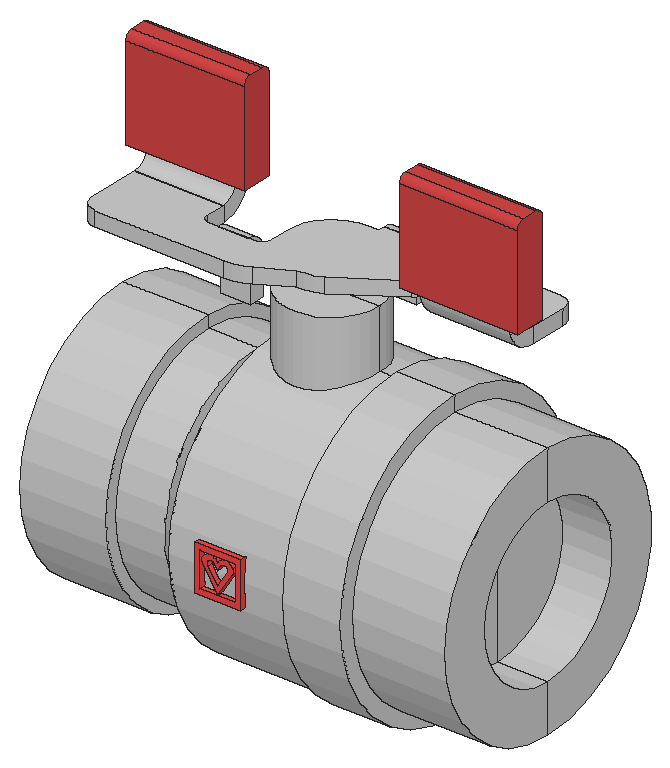
Revit family "Kugelhahn mit Knebelgriff (Blech) 2201", category Rohrzubehör, Revit 2021
Family settings
  Bemaßung runder Anschluss = Durchmesser verwenden
  Teiletyp = Unterbricht
  OmniClass-Nummer = 23.65.55.14
  OmniClass-Titel = Valves for Liquid Services
  Arbeitsebenenbasiert = Nein
  Immer vertikal = Ja
  Beim Laden mit Abzugskörper schneiden = Nein
  Gemeinsam genutzt = Nein
Parameters
  Vorgabe-Ansicht = 0 mm
  Min.Betriebstemperatur (Wasser) = 0.5 °C  # constant formula
  Min.Betriebstemperatur = -30 °C  # constant formula
  Max.Betriebstemperatur (Wasser - kein Dampf) = 110 °C  # constant formula
  Max.Betriebstemperatur = 150 °C  # constant formula
  Max.Betriebsdruck (Verschraubung) = 1600000.0 Pa  # constant formula
  Max.Betriebsdruck = 2500000.0 Pa  # constant formula
  W01 = 135.00°  # constant formula
  URL = "www.herz-armaturen.at"
  Spindeldichtung = "PTFE"  # constant formula
  Spindel = "Messing nach EN 12164, CW614N"  # constant formula
  SCRNSEQ = "ARM;ARM_TYP=\"ABVS\";2"
  SCRNCODE = "05;10;02"  # constant formula
  S02 [instance] = 2 * D01  # 51 mm
  S01 [instance] = L01 + L02 + L06  # 84.5 mm
  R01 [instance] = size_lookup("2201_3X_", "R1", 1 mm, Nennweite)  # 9.5 mm
  Nennweite [instance] = 32 mm
  Medium = "Heizungswasserqualität nach ÖNORM H 5195 oder VDI-Richtline 2035.\r\nDie Verwendung von Ethylen- oder Propylenglykol in einem Mischungsverhältnis 25 - 50% ist zulässig."
  L06 [instance] = size_lookup("2201_3X_", "L6", 1 mm, Nennweite)  # 18.5 mm
  L05 [instance] = size_lookup("2201_3X_", "L5", 1 mm, Nennweite)  # 34.8 mm
  L04 [instance] = size_lookup("2201_3X_", "L4", 1 mm, Nennweite)  # 11.5 mm
  L03 [instance] = size_lookup("2201_3X_", "L3", 1 mm, Nennweite)  # 17 mm
  L02 [instance] = size_lookup("2201_3X_", "L2", 1 mm, Nennweite)  # 24.5 mm
  L01 [instance] = size_lookup("2201_3X_", "L1", 1 mm, Nennweite)  # 41.5 mm
  Kugeldichtung = "PTFE"  # constant formula
  Kugel = "geschmiedetes Messing nach EN 12165, voller Durchgang, verchromt, CW617N"  # constant formula
  Innengewinde = "nach ISO 228-1"  # constant formula
  IG [instance] = Nennweite / 2  # 16 mm
  Hersteller = "HERZ Armaturen Ges.m.b.H"  # constant formula
  H01 [instance] = size_lookup("2201_3X_", "H1", 1 mm, Nennweite)  # 39 mm
  Griff = "Knebelgriff rot, Stahlblech beschichtet"  # constant formula
  Gewicht [instance] = if(Nennweite = 15 mm, 0.17, if(Nennweite = 20 mm, 0.246, if(Nennweite = 25 mm, 0.458, if(Nennweite = 32 mm, 0.712, 0))))  # 0.712
  Gehäuse = "geschmiedetes Messing nach EN 12165, vernickelt, CW617N"  # constant formula
  GT1 [instance] = size_lookup("2201_3X_", "GT1", 1 mm, Nennweite)  # 10 mm
  GT [instance] = size_lookup("2201_3X_", "GT", 1 mm, Nennweite)  # 16 mm
  Einsatzbereich = "Kugelhähne werden zum Absperren von Leitungen und Anlagen verwendet.\r\nEinsatzbereiche sind Heizungs- und Kälteanlagen.\r\nDer Kugelhahn ist nicht geeignet für die Durchflussregelung und muss immer in voll geöffneter oder geschlossener Position verwendet werden."
  DN25-DN32 [instance] = if(Nennweite = 25 mm, 38 mm, 43 mm)  # 43 mm
  DN25+DN32 [instance] = or(Nennweite = 25 mm, Nennweite = 32 mm)  # yes
  DN15-DN20 [instance] = if(Nennweite = 15 mm, 28 mm, 31 mm)  # 31 mm
  DN15+DN20 [instance] = or(Nennweite = 15 mm, Nennweite = 20 mm)  # no
  D05 [instance] = size_lookup("2201_3X_", "D5", 1 mm, Nennweite)  # 25.55 mm
  D04 [instance] = size_lookup("2201_3X_", "D4", 1 mm, Nennweite)  # 27.5 mm
  D03 [instance] = size_lookup("2201_3X_", "D3", 1 mm, Nennweite)  # 28.5 mm
  D02 [instance] = size_lookup("2201_3X_", "D2", 1 mm, Nennweite)  # 23.2 mm
  D01 [instance] = size_lookup("2201_3X_", "D1", 1 mm, Nennweite)  # 25.5 mm
  Bestellnummer [instance] = size_lookup("2201_3X_", "Artnr", 0, Nennweite)  # 1220134
  Anwendungen = "Der Kugelhahn wird in der Installation als Absperreinrichtung verwendet.\r\nAnwendungsgebiete sind Zentralheizungs- und Kälteanlagenlagen.\r\nDie Betriebsbedingungen (wie Temperatur und Druck) sollten dabei eingehalten werden."
Reference planes
  plane 1 "Mitte (Vorne/hinten)": y = 0
  plane 2: z = 0
  plane 3 "Mitte (Links/rechts)": x = 0
Forms (mm)
  Revolve 1, solid, material "Messing, vernickelt", detail levels fine
    sketch origin (0, 0, 0) x (1, 0, 0) y (0, 0, 1)
      loop
        line (24.5, 25.55) -> (24.5, 28.5) -> (13, 28.5) -> (13, 27.5) -> (-10.3, 27.5) -> (-14.6, 23.2) -> (-24.5, 23.2) -> (-24.5, 25.5) -> (-41.5, 25.5) -> (-41.5, 16) -> (-25.5, 16) -> (-25.5, 0) -> (33, 0) -> (33, 16) -> (43, 16) -> (43, 25.55) -> (24.5, 25.55)
      axis (-41.5, 0) -> (43, 0)
    angle from 0 to 360
  Revolve 2, solid, material "Messing, vernickelt", detail levels fine
    sketch origin (0, 0, 0) x (1, 0, 0) y (0, 0, 1)
      loop
        line (0, 0) -> (5.522, 0) -> (5.522, 8.202) -> (9.5, 8.202) -> (9.5, 39) -> (0, 39) -> (0, 0)
      axis (0, 39) -> (0, 0)
    angle from 0 to 360
Lines and regions (mm)
  model lines, detail levels coarse+medium
    curve 1: line (-42.25, 25.5, 0) -> (-42.25, -25.5, 0)
    curve 2: line (-42.25, -25.5, 0) -> (42.25, 25.5, 0)
    curve 3: line (42.25, 25.5, 0) -> (42.25, -25.5, 0)
    curve 4: line (42.25, -25.5, 0) -> (-42.25, 25.5, 0)
    curve 5: circle (0, 0, 0) r 25.5 normal (0, 0, 1)
    curve 6: line (-25.25, 0, 25.5) -> (-25.25, 0, -25.5)
    curve 7: line (-25.25, 0, -25.5) -> (59.25, 0, 25.5)
    curve 8: line (59.25, 0, 25.5) -> (59.25, 0, -25.5)
    curve 9: line (59.25, 0, -25.5) -> (-25.25, 0, 25.5)
    curve 10: circle (0, 0, 0) r 25.5 normal (0, -1, 0)
Dimensions and locks
  "L01": Revolve 1 sketch curve to plane 3 "Mitte (Links/rechts)"
  "L02": Revolve 1 sketch curve to plane 3 "Mitte (Links/rechts)"
  "D01": Revolve 1 sketch curve to plane 2
  "D02": Revolve 1 sketch curve to plane 2
  "L03": Revolve 1 sketch curve to Revolve 1 sketch curve
  "GT": Revolve 1 sketch curve to Revolve 1 sketch curve
  "IG": Revolve 1 sketch curve to plane 2
  "R01": Revolve 2 sketch curve to plane 3 "Mitte (Links/rechts)"
  "H01": Revolve 2 sketch curve to plane 2
  "D03": Revolve 1 sketch curve to plane 2
  "D04": Revolve 1 sketch curve to plane 2
  "L04": Revolve 1 sketch curve to Revolve 1 sketch curve
  "L05": Revolve 1 sketch curve to Revolve 1 sketch curve
  "IG": Revolve 1 sketch curve to Revolve 1 sketch curve
  "GT1": Revolve 1 sketch curve to Revolve 1 sketch curve
  "L06": Revolve 1 sketch curve to Revolve 1 sketch curve
  "D05": Revolve 1 sketch curve to Revolve 1 sketch curve
  "D04": nested 1 to plane 1 "Mitte (Vorne/hinten)"
  equal spacing: curve 2, plane 1 "Mitte (Vorne/hinten)", curve 4
  equal spacing: curve 4, plane 1 "Mitte (Vorne/hinten)", curve 3
  "S02": curve 4 to curve 2
  "S02": curve 3 to curve 4
  equal spacing: curve 1, plane 3 "Mitte (Links/rechts)", curve 3
  "S01": curve 1 to curve 3
  "S02": curve 9 to curve 7
  equal spacing: curve 9, plane 2, curve 7
  equal spacing: curve 8, plane 2, curve 9
  "S02": curve 8 to curve 9
  curve 6 to curve 8 = 84.5 mm
  "S01": curve 6 to curve 8
  "DN15-DN20": nested 2 to plane 2
  "DN25-DN32": nested 3 to plane 2
  "S02": diameter of curve 5
  "S02": diameter of curve 10
  "W01": angle Revolve 1 sketch curve to Revolve 1 sketch curve
  aligned and locked: level to plane 2
Automatic sketch dimensions
  curve 10 to level = 0 mm
  curve 10 to plane 3 "Mitte (Links/rechts)" = 0 mm
  curve 6 to plane 3 "Mitte (Links/rechts)" = 25.25 mm
  plane 1 "Mitte (Vorne/hinten)" to curve 5 = 0 mm
  curve 5 to plane 3 "Mitte (Links/rechts)" = 0 mm
  Revolve 1 sketch curve to level = 0 mm  (x2)
  Revolve 1 sketch curve to Revolve 1 sketch curve = 1481.63 mm
  Revolve 1 sketch curve to Revolve 1 sketch curve = 1814.648 mm
  Revolve 2 sketch curve to level = 0 mm
  Revolve 2 sketch curve to plane 3 "Mitte (Links/rechts)" = 0 mm  (x2)
  plane 3 "Mitte (Links/rechts)" to Revolve 2 sketch curve = 5.522 mm
  level to Revolve 2 sketch curve = 8.202 mm
  Revolve 2 sketch curve to Revolve 2 sketch curve = 366.045 mm
  Revolve 2 sketch curve to Revolve 2 sketch curve = 2190.315 mm
Nested families
  nested 1: "Herz-Logo-vorne" at (0, -27.5, 0) x (0, 1, 0) z (0, 0, 1), type "Herz-Logo-vorne", detail levels fine
  nested 2: "Knebelgriff (Blech) DN15-DN20" at (0, 0, 31), visible <- "DN15+DN20", type "Knebelgriff (Blech) DN15-DN20"
  nested 3: "Knebelgriff (Blech) DN25-DN32" at (0, 0, 43), visible <- "DN25+DN32", type "Knebelgriff (Blech) DN25-DN32"
Connectors
  piping at (6.5, 0, 0), diameter 32, driven by "Nennweite"
    settings: on Revolve 1, index 1, connector inside diameter 609.6 mm, connector length 0 mm, flow factor 0, pipe flow 0.0 L/s, pressure drop 0.0 Pa, fitting loss kfactor 0, connector angle 0.00°, fixture units 0, engagement length 0 mm, angle of deflection 0.00°, flow configuration 0, flow direction 0, fitting loss method 0, system type 7, joint type 0, gender type 0, connector reference index -1, connector utility 0, adjustable connector no, is connector primary yes, connector description ""
  piping at (-25.5, 0, 0), diameter 32, driven by "Nennweite"
    settings: on Revolve 1, index 2, connector inside diameter 609.6 mm, connector length 0 mm, flow factor 0, pipe flow 0.0 L/s, pressure drop 0.0 Pa, fitting loss kfactor 0, connector angle 0.00°, fixture units 0, engagement length 0 mm, angle of deflection 0.00°, flow configuration 0, flow direction 0, fitting loss method 0, system type 7, joint type 0, gender type 0, connector reference index -1, connector utility 0, adjustable connector no, is connector primary no, connector description ""
Definition of nested family "Herz-Logo-vorne"
  Parameters (values of type "Herz-Logo-vorne")
    Default Elevation = 0 mm
  Reference planes
    plane 1 "Mitte (Vorne/hinten)": y = 0
    plane 2: z = 0
    plane 3 "Mitte (Links/rechts)": x = 0
  Forms (mm)
    Extrusion 1, solid
      sketch origin (0.732, -0.018, 0.017) x (0, -1, 0) y (0, 0, 1)
        loop
          line (-0.018, -4.517) -> (4.482, -4.517) -> (4.482, 4.483) -> (-4.518, 4.483) -> (-4.518, -4.517) -> (-0.018, -4.517)
        loop
          line (-0.05, -3.48) -> (3.482, -3.48) -> (3.482, 3.483) -> (-3.518, 3.483) -> (-3.518, -3.48) -> (-0.05, -3.48)
        loop
          arc (-0.018, 2.383) -> (-1.543, 3.287) -> (-3.067, 2.383) r 1.738
          arc (-3.067, 2.383) -> (-3.191, 1.899) -> (-3.067, 1.415) r 1.009
          line (-3.067, 1.415) -> (-0.018, -3.281) -> (3.032, 1.415)
          arc (3.032, 1.415) -> (3.156, 1.899) -> (3.032, 2.383) r 1.009
          arc (3.032, 2.383) -> (1.507, 3.287) -> (-0.018, 2.383) r 1.738
        loop
          arc (1.885, 1.272) -> (2.005, 1.675) -> (1.885, 2.079) r 0.74
          arc (1.885, 2.079) -> (1.265, 2.416) -> (0.644, 2.079) r 0.74
          line (0.644, 2.079) -> (-0.018, 0.97) -> (-0.679, 2.079)
          arc (-0.679, 2.079) -> (-1.3, 2.416) -> (-1.921, 2.079) r 0.74
          arc (-1.921, 2.079) -> (-2.04, 1.675) -> (-1.921, 1.272) r 0.74
          line (-1.921, 1.272) -> (-0.018, -1.658) -> (1.885, 1.272)
      from 0 to 1.5
  Dimensions and locks
    aligned and locked: level to plane 2
Definition of nested family "Knebelgriff (Blech) DN15-DN20"
  Parameters (values of type "Knebelgriff (Blech) DN15-DN20")
    Default Elevation = 0 mm
  Reference planes
    plane 1 "Mitte (Vorne/hinten)": y = 0
    plane 2: z = 0
    plane 3 "Mitte (Links/rechts)": x = 0
  Forms (mm)
    Extrusion 1, solid, detail levels fine
      sketch origin (0, 0, 0) x (1, 0, 0) y (0, 1, 0)
        loop
          line (-7, 0) -> (-7, -3.8)
          arc (-7, -3.8) -> (-7.439, -4.861) -> (-8.5, -5.3) r 1.5
          line (-8.5, -5.3) -> (-14.5, -5.3)
          arc (-14.5, -5.3) -> (-15.561, -4.861) -> (-16, -3.8) r 1.5
          line (-16, -3.8) -> (-16, 0) -> (-28, 0) -> (-28, -8.1)
          arc (-28, -8.1) -> (-27.121, -10.221) -> (-25, -11.1) r 3
          line (-25, -11.1) -> (-3.453, -11.1)
          arc (-3.453, -11.1) -> (-2.496, -10.91) -> (-1.685, -10.368) r 2.5
          line (-1.685, -10.368) -> (4.443, -4.24)
          arc (4.443, -4.24) -> (5.743, -2.295) -> (6.2, 0) r 6
          arc (6.2, 0) -> (6.64, 1.06) -> (7.7, 1.499) r 1.5
          line (7.7, 1.499) -> (15.1, 1.499)
          arc (15.1, 1.499) -> (16.16, 1.06) -> (16.6, 0) r 1.5
          line (16.6, 0) -> (28.6, 0) -> (28.6, 4)
          arc (28.6, 4) -> (27.721, 6.121) -> (25.6, 7) r 3
          line (25.6, 7) -> (0, 7)
          arc (0, 7) -> (-4.95, 4.95) -> (-7, 0) r 7
      from 0 to 2.5
    Extrusion 2, solid, detail levels fine
      sketch origin (0, 0, 0) x (0, 1, 0) y (0, 0, 1)
        loop
          arc (2.5, 5) -> (1.768, 3.232) -> (0, 2.5) r 2.5
          line (0, 2.5) -> (0, 0)
          arc (0, 0) -> (3.536, 1.464) -> (5, 5) r 5
          line (5, 5) -> (5, 6) -> (2.5, 6) -> (2.5, 5)
      from -28 to -16
    Extrusion 3, solid, detail levels fine
      sketch origin (0, 5.3, 0) x (0, 1, 0) y (0, 0, 1)
        loop
          line (-7.8, 5) -> (-7.8, 6) -> (-10.3, 6) -> (-10.3, 5)
          arc (-10.3, 5) -> (-8.836, 1.464) -> (-5.3, 0) r 5
          line (-5.3, 0) -> (-5.3, 2.5)
          arc (-5.3, 2.5) -> (-7.068, 3.232) -> (-7.8, 5) r 2.5
      from 16.6 to 28.6
    Extrusion 4, solid, detail levels fine
      sketch origin (0, 0, 0) x (0, 1, 0) y (0, 0, 1)
        loop
          line (5.75, 6) -> (5.75, 17.041)
          arc (5.75, 17.041) -> (5.469, 17.719) -> (4.791, 18) r 0.959
          line (4.791, 18) -> (2.773, 18)
          arc (2.773, 18) -> (2.05, 17.7) -> (1.75, 16.977) r 1.023
          line (1.75, 16.977) -> (1.75, 6) -> (5.75, 6)
      from -29.7 to -14.3
    Extrusion 5, solid, detail levels fine
      sketch origin (0, 0, 0) x (0, 1, 0) y (0, 0, 1)
        loop
          line (-5.75, 6) -> (-1.75, 6) -> (-1.75, 17)
          arc (-1.75, 17) -> (-2.043, 17.707) -> (-2.75, 18) r 1
          line (-2.75, 18) -> (-4.75, 18)
          arc (-4.75, 18) -> (-5.457, 17.707) -> (-5.75, 17) r 1
          line (-5.75, 17) -> (-5.75, 6)
      from 30.3 to 14.9
    Extrusion 6, solid, detail levels fine
      sketch origin (0, 0, 0) x (0, 1, 0) y (0, 0, 1)
        loop
          line (9, -2) -> (9, -8) -> (11.5, -8) -> (11.5, -2)
          arc (11.5, -2) -> (10.182, 1.182) -> (7, 2.5) r 4.5
          line (7, 2.5) -> (7, 0)
          arc (7, 0) -> (8.414, -0.586) -> (9, -2) r 2
      from 8.1 to 2.1
    Extrusion 7, solid, detail levels fine
      sketch origin (0, 0, 0) x (0, 1, 0) y (0, 0, 1)
        loop
          line (-4.3, -1) -> (-4.3, -8) -> (-1.8, -8) -> (-1.8, -1)
          arc (-1.8, -1) -> (-2.825, 1.475) -> (-5.3, 2.5) r 3.5
          line (-5.3, 2.5) -> (-5.3, 0)
          arc (-5.3, 0) -> (-4.593, -0.293) -> (-4.3, -1) r 1
      from -14.5 to -8.5
  Dimensions and locks
    aligned and locked: level to plane 2
Definition of nested family "Knebelgriff (Blech) DN25-DN32"
  Parameters (values of type "Knebelgriff (Blech) DN25-DN32")
    Default Elevation = 0 mm
  Reference planes
    plane 1 "Mitte (Vorne/hinten)": y = 0
    plane 2: z = 0
    plane 3 "Mitte (Links/rechts)": x = 0
  Forms (mm)
    Extrusion 1, solid, detail levels fine
      sketch origin (0, 0, 0) x (1, 0, 0) y (0, 1, 0)
        loop
          arc (0, 9) -> (-6.364, 6.364) -> (-9, 0) r 9
          line (-9, 0) -> (-9, -4.1)
          arc (-9, -4.1) -> (-9.439, -5.161) -> (-10.5, -5.6) r 1.5
          line (-10.5, -5.6) -> (-20, -5.6)
          arc (-20, -5.6) -> (-21.061, -5.161) -> (-21.5, -4.1) r 1.5
          line (-21.5, -4.1) -> (-21.5, 0) -> (-39.1, 0) -> (-39.1, -10.6)
          arc (-39.1, -10.6) -> (-38.221, -12.721) -> (-36.1, -13.6) r 3
          line (-36.1, -13.6) -> (-10.5, -13.6)
          arc (-10.5, -13.6) -> (-8.037, -13.275) -> (-5.742, -12.323) r 9.5
          line (-5.742, -12.323) -> (0, -9)
          arc (0, -9) -> (2.463, -8.675) -> (4.758, -7.723) r 9.5
          line (4.758, -7.723) -> (16.029, -0.25)
          arc (16.029, -0.25) -> (16.522, 0.291) -> (16.7, 1) r 1.5
          arc (16.7, 1) -> (17.139, 2.061) -> (18.2, 2.5) r 1.5
          line (18.2, 2.5) -> (20.9, 2.5)
          arc (20.9, 2.5) -> (21.961, 2.061) -> (22.4, 1) r 1.5
          line (22.4, 1) -> (22.4, 0) -> (40, 0) -> (40, 7.5)
          arc (40, 7.5) -> (39.121, 9.621) -> (37, 10.5) r 3
          line (37, 10.5) -> (2.1, 10.5) -> (2.1, 9) -> (0, 9)
      from 0 to 3
    Extrusion 2, solid, detail levels fine
      sketch origin (0, 0, 0) x (0, 1, 0) y (0, 0, 1)
        loop
          arc (3, 6) -> (2.121, 3.879) -> (0, 3) r 3
          line (0, 3) -> (0, 0)
          arc (0, 0) -> (4.243, 1.757) -> (6, 6) r 6
          line (6, 6) -> (3, 6)
      from -39.1 to -21.5
    Extrusion 3, solid, detail levels fine
      sketch origin (0, 0, 0) x (0, 1, 0) y (0, 0, 1)
        loop
          arc (0, 3) -> (-2.121, 3.879) -> (-3, 6) r 3
          line (-3, 6) -> (-6, 6)
          arc (-6, 6) -> (-4.243, 1.757) -> (0, 0) r 6
          line (0, 0) -> (0, 3)
      from 22.4 to 40
    Extrusion 4, solid, detail levels fine
      sketch origin (0, 0, 0) x (0, 1, 0) y (0, 0, 1)
        loop
          line (7.5, 6) -> (7.5, 24.5)
          arc (7.5, 24.5) -> (7.061, 25.561) -> (6, 26) r 1.5
          line (6, 26) -> (3, 26)
          arc (3, 26) -> (1.939, 25.561) -> (1.5, 24.5) r 1.5
          line (1.5, 24.5) -> (1.5, 6) -> (7.5, 6)
      from -42.05 to -18.55
    Extrusion 5, solid, detail levels fine
      sketch origin (0, 0, 0) x (0, 1, 0) y (0, 0, 1)
        loop
          line (-7.5, 6) -> (-1.5, 6) -> (-1.5, 24.5)
          arc (-1.5, 24.5) -> (-1.939, 25.561) -> (-3, 26) r 1.5
          line (-3, 26) -> (-6, 26)
          arc (-6, 26) -> (-7.061, 25.561) -> (-7.5, 24.5) r 1.5
          line (-7.5, 24.5) -> (-7.5, 6)
      from 19.45 to 42.95
    Extrusion 6, solid, detail levels fine
      sketch origin (0, 0, 0) x (0, 1, 0) y (0, 0, 1)
        loop
          arc (14, -0.5) -> (12.975, 1.975) -> (10.5, 3) r 3.5
          line (10.5, 3) -> (10.5, 0)
          arc (10.5, 0) -> (10.854, -0.146) -> (11, -0.5) r 0.5
          line (11, -0.5) -> (11, -9) -> (14, -9) -> (14, -0.5)
      from 2.1 to 8.1
    Extrusion 7, solid, detail levels fine
      sketch origin (0, -16.1, 0) x (0, 1, 0) y (0, 0, 1)
        loop
          arc (14, -0.5) -> (12.975, 1.975) -> (10.5, 3) r 3.5
          line (10.5, 3) -> (10.5, 0)
          arc (10.5, 0) -> (10.854, -0.146) -> (11, -0.5) r 0.5
          line (11, -0.5) -> (11, -9) -> (14, -9) -> (14, -0.5)
      from -12 to -18
  Dimensions and locks
    aligned and locked: level to plane 2
